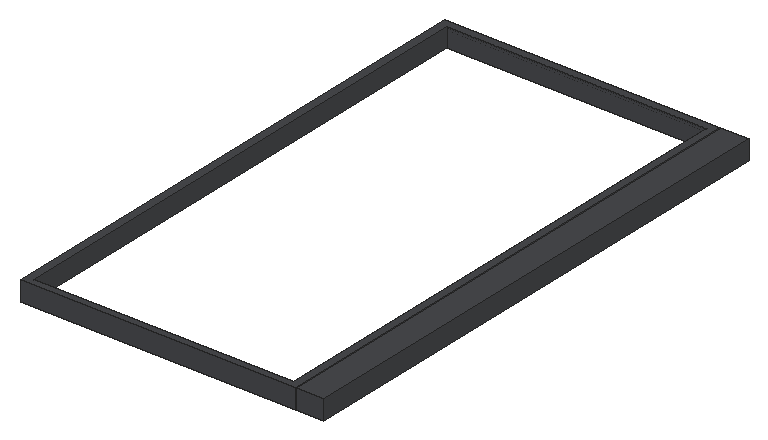
Revit family "Панель потолочная", category Оборудование, Revit 2019
Family settings
  Размер круглого соединителя = Использовать диаметр
  Классификация = Нет
  Тип детали = Нормальный
  На основе рабочей плоскости = Нет
  Всегда вертикально = Да
  При загрузке вырезать с полостями = Нет
  Общий = Нет
  Точка расчета площади = Нет
Parameters (values of type "1200х800")
  Ширина = 1402 mm
  Материал 2 = Поликарбонат (прозрачный)
  Материал = Окраска - RAL 9005, черная сажа
  Длина рамы = Длина - 74 mm  # 726 mm
  Длина = 800 mm
  Высота рамы = 2248 mm
Types (9, lengths in mm): name | Ширина | Длина рамы | Длина
  (no name) | 1402 | 726 | 800
  1200х600 | 1402 | 526 | 600
  900х600 | 1102 | 526 | 600
  900х700 | 1102 | 626 | 700
  900х800 | 1102 | 726 | 800
  900х750 | 1102 | 676 | 750
  1200х700 | 1402 | 626 | 700
  1200х750 | 1402 | 676 | 750
  1200х800 | 1402 | 726 | 800
Reference planes
  plane 1 "По центру (Вперед/Назад)": y = 0
  plane 2: z = 0
  plane 3 "По центру (Влево/Вправо)": x = 0
  plane 4: y = 701
  plane 5: y = -701
  plane 6: x = 726
  plane 7: z = 2286
  plane 8: z = 2235
  plane 9: z = 2278
  plane 10: z = 2248
  plane 11: x = 800
Forms (mm)
  Extrusion 1, solid, material "Окраска - RAL 9005, черная сажа" <- "Материал"
    sketch origin (0, 0, 0) x (1, 0, 0) y (0, 1, 0)
      loop
        line (0, 701) -> (0, -701) -> (726, -701) -> (726, 701) -> (0, 701)
      loop
        line (20, 681) -> (20, -681) -> (706, -681) -> (706, 681) -> (20, 681)
    from 2235 to 2286
  Extrusion 2, solid, material "Поликарбонат (прозрачный)" <- "Материал 2"
    sketch origin (0, 0, 0) x (1, 0, 0) y (0, 1, 0)
      loop
        line (20, 681) -> (20, -681) -> (706, -681) -> (706, 681) -> (20, 681)
    from 2278 to 2286
  Extrusion 3, solid, material "Окраска - RAL 9005, черная сажа" <- "Материал"
    sketch origin (0, 0, 0) x (1, 0, 0) y (0, 0, 1)
      loop
        line (726, 2286) -> (726, 2235) -> (800, 2235) -> (800, 2286) -> (726, 2286)
    from -701 to 701
Lines and regions (mm)
  reference lines
    curve 1: line (-280, 0, 0) -> (1326, 0, 0)
Dimensions and locks
  "Длина рамы": plane 3 "По центру (Влево/Вправо)" to plane 6
  equal spacing: plane 4, plane 1 "По центру (Вперед/Назад)", plane 5
  "Ширина": plane 4 to plane 5
  locked: plane 7 to plane 8 at 51
  locked: plane 3 "По центру (Влево/Вправо)" to Extrusion 1 sketch curve at 20
  locked: Extrusion 1 sketch curve to plane 6 at 20
  locked: plane 4 to Extrusion 1 sketch curve at 20
  locked: Extrusion 1 sketch curve to plane 5 at 20
  locked: plane 7 to plane 9 at 8
  locked: plane 7 to plane 10 at 38
  "Высота рамы": plane 10 to level
  "Длина": plane 3 "По центру (Влево/Вправо)" to plane 11
  aligned and locked: level to plane 2
  aligned and locked: Extrusion 1 sketch curve to plane 4
  aligned and locked: plane 3 "По центру (Влево/Вправо)" to Extrusion 1 sketch curve
  aligned and locked: plane 5 to Extrusion 1 sketch curve
  aligned and locked: plane 6 to Extrusion 1 sketch curve
  aligned and locked: plane 7 to Extrusion 1
  aligned and locked: Extrusion 1 to plane 8
  aligned and locked: Extrusion 2 sketch curve to Extrusion 1  (x4)
  aligned and locked: plane 7 to Extrusion 2
  aligned and locked: Extrusion 2 to plane 9
  aligned and locked: plane 1 "По центру (Вперед/Назад)" to curve 1
  aligned and locked: Extrusion 1 to Extrusion 3 sketch curve
  aligned and locked: Extrusion 3 sketch curve to Extrusion 1
  aligned and locked: plane 8 to Extrusion 3 sketch curve
  aligned and locked: Extrusion 3 sketch curve to plane 11
  aligned and locked: plane 4 to Extrusion 3
  aligned and locked: Extrusion 3 to plane 5
Automatic sketch dimensions
  curve 1 to plane 3 "По центру (Влево/Вправо)" = 280 mm
  curve 1 to plane 6 = 600 mm
